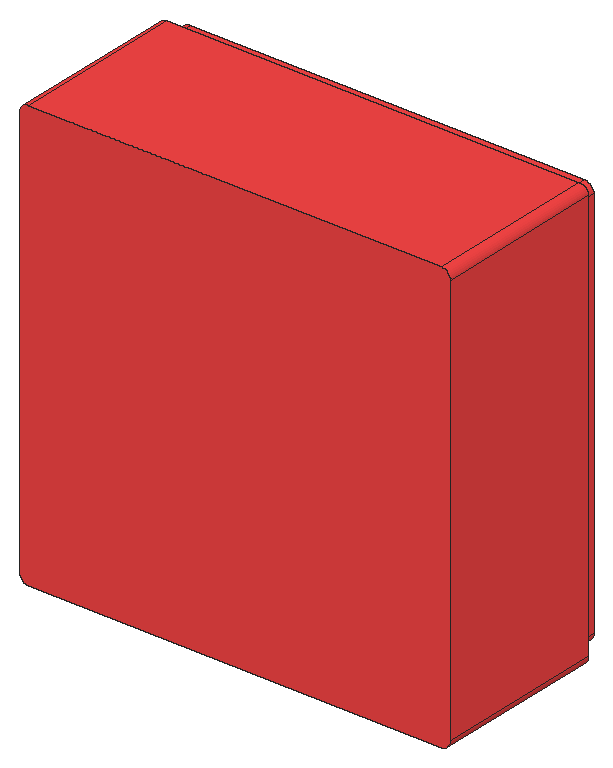
Revit family "Acionador Manual do Sistema de Detecção e Alarme", category Equipamento elétrico, Revit 2026
Family settings
  Cota do conector redondo = Utilizar diâmetro
  Tipo de parte = Outros painéis
  Com base no plano de trabalho = Não
  Sempre na vertical = Sim
  Corte com vazios quando carregada = Não
  Manter orientação da anotação = Não
  Compartilhado = Sim
  Ponto de cálculo do ambiente = Não
Parameters
  Tipo de imagem = Acionador manual alarme e detecção.png
  SÍMBOLO = yes
  Rede Social: = "@galvesbim"
  built-in parameter 1155152 [instance] = 16
  Mato Grosso = no
  IMAGEM SIMBOLO PERNAMBUCO = 0
  IMAGEM SIMBOLO MATO GROSSO = 0
  IMAGEM SIMBOLO DISTRITO FEDERAL = 0
  IMAGEM SIMBOLO DEMAIS ESTADOS = 0
  Descrição = "Acionador manual alarme e detecção"
  Demais estados = yes
  Pernambuco = no
  Largura = 42.00 mm
  Família Criada por: = "Geraldo G Alves"
  Email p/ contato: = "galves@alvesg.com"
  Desloc. Frente [instance] = 0.00 mm
  Desloc. Esquerda [instance] = 0.00 mm
  Elevação padrão = 1350.00 mm
  DESCRIÇÃO DO MATERIAL = "Acionador manual alarme e detecção"  # constant formula
  Comprimento = 95.00 mm
  Distrito Federal = no
  Altura = 95.00 mm
Reference planes
  plane 1 "Centro (Frente/Trás)": y = 0
  plane 2: z = 0
  plane 3 "Centro (Esquerda/Direita)": x = 0
  plane 4: y = -42
  plane 5: x = -47.5
  plane 6: x = 47.5
  plane 7: z = 95
  plane 8: y = -38
  plane 9: y = -40
  plane 10: y = -4
  plane 11: y = -2
  plane 12: z = 47.5
  plane 13: x = 0
  plane 14: y = -42
Forms (mm)
  Extrusion 1, solid, material "Vermelho", detail levels fine
    sketch origin (0, 0, 0) x (1, 0, 0) y (0, 0, 1)
      loop
        arc (-45.5, 95) -> (-46.914, 94.414) -> (-47.5, 93) r 2
        line (-47.5, 93) -> (-47.5, 2)
        arc (-47.5, 2) -> (-46.914, 0.586) -> (-45.5, 0) r 2
        line (-45.5, 0) -> (45.5, 0)
        arc (45.5, 0) -> (46.914, 0.586) -> (47.5, 2) r 2
        line (47.5, 2) -> (47.5, 93)
        arc (47.5, 93) -> (46.914, 94.414) -> (45.5, 95) r 2
        line (45.5, 95) -> (-45.5, 95)
    from 4 to 42
  Extrusion 2, solid, material "Vermelho", detail levels fine
    sketch origin (0, 0, 0) x (1, 0, 0) y (0, 0, 1)
      loop
        line (43.5, 93) -> (-43.5, 93)
        arc (-43.5, 93) -> (-44.914, 92.414) -> (-45.5, 91) r 2
        line (-45.5, 91) -> (-45.5, 4)
        arc (-45.5, 4) -> (-44.914, 2.586) -> (-43.5, 2) r 2
        line (-43.5, 2) -> (43.5, 2)
        arc (43.5, 2) -> (44.914, 2.586) -> (45.5, 4) r 2
        line (45.5, 4) -> (45.5, 91)
        arc (45.5, 91) -> (44.914, 92.414) -> (43.5, 93) r 2
      loop
        arc (-40.5, 89) -> (-41.207, 88.707) -> (-41.5, 88) r 1
        line (-41.5, 88) -> (-41.5, 7)
        arc (-41.5, 7) -> (-41.207, 6.293) -> (-40.5, 6) r 1
        line (-40.5, 6) -> (-25.9, 6) -> (-25.9, 18) -> (-4.977, 18) -> (-4.977, 16.5) -> (4.977, 16.5) -> (4.977, 18) -> (25.9, 18) -> (25.9, 6) -> (40.5, 6)
        arc (40.5, 6) -> (41.207, 6.293) -> (41.5, 7) r 1
        line (41.5, 7) -> (41.5, 88)
        arc (41.5, 88) -> (41.207, 88.707) -> (40.5, 89) r 1
        line (40.5, 89) -> (-40.5, 89)
      loop
        arc (-40.7, 88.7) -> (-41.054, 88.554) -> (-41.2, 88.2) r 0.5
        line (-41.2, 88.2) -> (-41.2, 6.8)
        arc (-41.2, 6.8) -> (-41.054, 6.446) -> (-40.7, 6.3) r 0.5
        line (-40.7, 6.3) -> (-26.2, 6.3) -> (-26.2, 18.3) -> (26.2, 18.3) -> (26.2, 6.3) -> (40.7, 6.3)
        arc (40.7, 6.3) -> (41.054, 6.446) -> (41.2, 6.8) r 0.5
        line (41.2, 6.8) -> (41.2, 88.2)
        arc (41.2, 88.2) -> (41.054, 88.554) -> (40.7, 88.7) r 0.5
        line (40.7, 88.7) -> (-40.7, 88.7)
      loop
        line (-35.2, 73.7) -> (-35.2, 33.7) -> (35.2, 33.7) -> (35.2, 73.7) -> (-35.2, 73.7)
    from 4 to 0
  Extrusion 3, solid, material "Vidro", detail levels fine
    sketch origin (0, 0, 0) x (1, 0, 0) y (0, 0, 1)
      loop
        line (-35.2, 73.7) -> (-35.2, 33.7) -> (35.2, 33.7) -> (35.2, 73.7) -> (-35.2, 73.7)
    from 2 to 0
  Extrusion 4, solid, material "Branco", detail levels fine
    sketch origin (0, 0, -6.25) x (1, 0, 0) y (0, 0, 1)
      loop
        circle (0, 54.522) r 5
      loop
        line (-12.5, 54.522) -> (-18.711, 58.108) -> (-18.711, 55.457) -> (-25.209, 55.457) -> (-25.209, 53.587) -> (-18.711, 53.587) -> (-18.711, 50.936) -> (-12.5, 54.522)
      loop
        line (12.5, 54.522) -> (18.711, 50.936) -> (18.711, 53.587) -> (25.209, 53.587) -> (25.209, 55.457) -> (18.711, 55.457) -> (18.711, 58.108) -> (12.5, 54.522)
    from 0 to 0.8
Cuts and joins
  joined: Extrusion 1, Extrusion 2
Dimensions and locks
  "Largura": plane 4 to plane 1 "Centro (Frente/Trás)"
  equal spacing: plane 5, plane 3 "Centro (Esquerda/Direita)", plane 6
  "Comprimento": plane 5 to plane 6
  Extrusion 1 sketch curve to Extrusion 1 sketch curve = 95.00 mm
  locked: plane 8 to plane 4 at 4
  locked: plane 9 to plane 4 at 2
  "Altura": plane 7 to level
  plane 10 to plane 1 "Centro (Frente/Trás)" = 4.00 mm
  plane 11 to plane 1 "Centro (Frente/Trás)" = 2.00 mm
  "Desloc. Frente": plane 14 to plane 4
  "Desloc. Esquerda": plane 13 to plane 3 "Centro (Esquerda/Direita)"
  "Desloc. Esquerda": nested 4 to plane 3 "Centro (Esquerda/Direita)"
  "Desloc. Frente": nested 4 to plane 4
  aligned and locked: level to plane 2
  aligned and locked: plane 5 to Extrusion 1 sketch curve
  aligned and locked: plane 2 to Extrusion 1 sketch curve
  aligned and locked: Extrusion 1 sketch curve to plane 6
  aligned and locked: Extrusion 3 sketch curve to cut or joined group of Extrusion 1, Extrusion 2  (x4)
  aligned and locked: Extrusion 2 to plane 1 "Centro (Frente/Trás)"
  aligned and locked: Extrusion 2 to plane 10
  aligned and locked: plane 11 to Extrusion 3
  aligned and locked: Extrusion 3 to plane 1 "Centro (Frente/Trás)"
  aligned and locked: Extrusion 1 to plane 4
  aligned and locked: Extrusion 1 to Extrusion 2
  aligned and locked: nested 1 to plane 13
  aligned and locked: plane 14 to nested 1
  aligned and locked: plane 14 to nested 3
  aligned and locked: nested 3 to plane 13
  aligned and locked: plane 14 to nested 2
  aligned and locked: nested 2 to plane 13
Automatic sketch dimensions
  plane 5 to Extrusion 1 sketch curve = 2.00 mm  (x2)
  Extrusion 1 sketch curve to Extrusion 1 sketch curve = 2.00 mm
  Extrusion 1 sketch curve to plane 6 = 2.00 mm
  plane 5 to Extrusion 2 sketch curve = 2.00 mm
  level to Extrusion 2 sketch curve = 2.00 mm
  Extrusion 2 sketch curve to Extrusion 2 sketch curve = 2.00 mm  (x4)
  Extrusion 2 sketch curve to plane 7 = 2.00 mm
  Extrusion 2 sketch curve to Extrusion 2 sketch curve = 0.30 mm  (x7)
  Extrusion 2 sketch curve to Extrusion 2 sketch curve = 0.50 mm  (x3)
  Extrusion 2 sketch curve to Extrusion 2 sketch curve = 0.20 mm  (x5)
  plane 5 to Extrusion 2 sketch curve = 12.30 mm
  level to Extrusion 2 sketch curve = 6.30 mm
  Extrusion 2 sketch curve to Extrusion 2 sketch curve = 14.30 mm
  Extrusion 2 sketch curve to plane 3 "Centro (Esquerda/Direita)" = 4.977 mm
  plane 3 "Centro (Esquerda/Direita)" to Extrusion 2 sketch curve = 4.977 mm
  level to Extrusion 2 sketch curve = 6.00 mm
  Extrusion 2 sketch curve to plane 6 = 21.60 mm
  Extrusion 2 sketch curve to plane 6 = 12.30 mm
  Extrusion 2 sketch curve to plane 6 = 7.00 mm  (x2)
  Extrusion 2 sketch curve to plane 6 = 4.00 mm
  Extrusion 2 sketch curve to plane 6 = 2.00 mm
  level to Extrusion 2 sketch curve = 16.50 mm
  Extrusion 2 sketch curve to Extrusion 2 sketch curve = 11.70 mm
  Extrusion 2 sketch curve to Extrusion 2 sketch curve = 1.50 mm
  Extrusion 2 sketch curve to Extrusion 2 sketch curve = 15.40 mm
  Extrusion 2 sketch curve to Extrusion 2 sketch curve = 17.30 mm
  Extrusion 2 sketch curve to Extrusion 2 sketch curve = 3.00 mm
  Extrusion 4 sketch curve to Extrusion 2 = 0.691 mm  (x2)
  Extrusion 4 sketch curve to Extrusion 4 sketch curve = 6.498 mm
  Extrusion 4 sketch curve to Extrusion 4 sketch curve = 0.00 mm  (x3)
  Extrusion 4 sketch curve to Extrusion 4 sketch curve = 6.211 mm  (x2)
  Extrusion 2 to Extrusion 4 sketch curve = 4.977 mm
  Extrusion 4 sketch curve to Extrusion 2 = 7.523 mm
  Extrusion 2 to Extrusion 4 sketch curve = 10.986 mm  (x2)
  Extrusion 4 sketch curve to Extrusion 4 sketch curve = 2.651 mm  (x4)
  Extrusion 4 sketch curve to Extrusion 4 sketch curve = 0.935 mm  (x2)
  Extrusion 4 sketch curve to Extrusion 4 sketch curve = 1.87 mm  (x2)
  radius of Extrusion 4 sketch curve = 5.00 mm
Nested families
  nested 1: "Acionador manual do sistema de detecção e alarme - Restante" at (0, -42, 0), visible <- "Demais estados", type "Acionador manual do sistema de detecção e alarme 1-100", detail levels coarse+medium
    with Esc. Símbolo - 1/100~200 yes, Desloc. Frente 0.00 mm, Desloc. Esquerda 0.00 mm
  nested 2: "Acionador manual do sistema de detecção e alarme - DF" at (0, -42, 0), visible <- "Distrito Federal", type "Acionador manual do sistema de detecção e alarme - DF", detail levels coarse+medium
    with Esc. Símbolo - 1/100~200 yes, Desloc. Frente 0.00 mm, Desloc. Esquerda 0.00 mm
  nested 3: "Acionador manual do sistema de detecção e alarme 1-100 - PE" at (0, -42, 0), visible <- "Pernambuco", type "Acionador manual do sistema de detecção e alarme 1-100 - PE", detail levels coarse+medium
    with Esc. Símbolo - 1/100~200 yes, Desloc. Frente 0.00 mm, Desloc. Esquerda 0.00 mm
  nested 4: "Acionador manual do sistema de detecção e alarme - Restante" at (0, -42, 0), visible <- "Mato Grosso", type "Acionador manual do sistema de detecção e alarme 1-100", detail levels coarse+medium
    with Esc. Símbolo - 1/100~200 yes, Desloc. Frente 0.00 mm, Desloc. Esquerda 0.00 mm
Connectors
  cabletrayconduit at (0, -23, 95), diameter 20
    settings: on cut or joined group of Extrusion 1, Extrusion 2, index 1, connector width 300.00 mm, connector height 300.00 mm, connector angle 0.00°, system type 32, placement type 0, profile type 0, connector reference index -1, is primary connector yes, connector utility param no, connector description ""
  cabletrayconduit at (0, -23, 0), diameter 20
    settings: on cut or joined group of Extrusion 1, Extrusion 2, index 2, connector width 300.00 mm, connector height 300.00 mm, connector angle 0.00°, system type 32, placement type 0, profile type 0, connector reference index -1, is primary connector no, connector utility param no, connector description ""
Definition of nested family "Acionador manual do sistema de detecção e alarme - Restante"
  Parameters (values of type "Acionador manual do sistema de detecção e alarme 1-100")
    Esc. Símbolo - 1/100~200 [instance] = yes
    Desloc. Frente [instance] = 0.00 mm
    Desloc. Esquerda [instance] = 0.00 mm
  Reference planes
    plane 1: y = 0
    plane 2: x = 0
  Lines and regions (mm)
    Masking region 1
      outline origin (0, 0, 0) x (1, 0, 0) y (0, 1, 0)
        loop
          line (-1.75, 3.5) -> (-1.75, 0) -> (1.75, 0) -> (1.75, 3.5) -> (-1.75, 3.5)
    Masking region 2, not visible
      outline origin (0, 0, 0) x (1, 0, 0) y (0, 1, 0)
        loop
          line (-1.75, 3.5) -> (-1.75, 0) -> (1.75, 0) -> (1.75, 3.5) -> (-1.75, 3.5)
    detail lines
      curve 1: line (-1.75, 0, 0) -> (1.75, 0, 0)
      curve 2: line (-1.75, 3.5, 0) -> (-1.75, 0, 0)
      curve 3: line (1.75, 3.5, 0) -> (-1.75, 3.5, 0)
      curve 4: line (1.75, 0, 0) -> (1.75, 3.5, 0)
      curve 5: arc (-0.965, 2.767, 0) -> (0, 1.802, 0) -> (0.965, 2.767, 0) r 0.965
      curve 16: line (0, 1.802, 0) -> (0, 0.802, 0)
    detail lines, not visible
      curve 6: line (-1.75, 5, 0) -> (1.75, 5, 0)
      curve 7: line (-1.75, 8.5, 0) -> (-1.75, 5, 0)
      curve 8: line (1.75, 8.5, 0) -> (-1.75, 8.5, 0)
      curve 9: line (1.75, 5, 0) -> (1.75, 8.5, 0)
      curve 10: arc (-0.965, 7.767, 0) -> (0, 6.802, 0) -> (0.965, 7.767, 0) r 0.965
      curve 11: line (-1.75, 0, 0) -> (1.75, 0, 0)
      curve 12: line (-1.75, 3.5, 0) -> (-1.75, 0, 0)
      curve 13: line (1.75, 3.5, 0) -> (-1.75, 3.5, 0)
      curve 14: line (1.75, 0, 0) -> (1.75, 3.5, 0)
      curve 15: arc (-0.965, 2.767, 0) -> (0, 1.802, 0) -> (0.965, 2.767, 0) r 0.965
      curve 17: line (0, 6.802, 0) -> (0, 5.802, 0)
      curve 18: line (0, 1.802, 0) -> (0, 0.802, 0)
  Dimensions and locks
    "Desloc. Frente": plane 1 to curve 1
    "Desloc. Esquerda": curve 16 to plane 2
  Automatic sketch dimensions
    curve 2 to curve 5 = 1.75 mm
    curve 5 to curve 3 = 1.75 mm
    curve 1 to curve 5 = 2.767 mm
    curve 5 to curve 3 = 0.733 mm
    curve 5 to curve 5 = 0.965 mm
    curve 16 to curve 5 = 0.00 mm
    curve 16 to curve 16 = 1.00 mm
    curve 7 to curve 10 = 1.75 mm
    curve 10 to curve 8 = 1.75 mm
    curve 6 to curve 10 = 2.767 mm
    curve 10 to curve 8 = 0.733 mm
    curve 10 to curve 10 = 0.965 mm
    curve 17 to curve 10 = 0.00 mm
    curve 17 to curve 17 = 1.00 mm
    curve 12 to curve 15 = 1.75 mm
    curve 15 to curve 13 = 1.75 mm
    curve 11 to curve 15 = 2.767 mm
    curve 15 to curve 13 = 0.733 mm
    curve 15 to curve 15 = 0.965 mm
    curve 18 to curve 15 = 0.00 mm
    curve 18 to curve 18 = 1.00 mm
Definition of nested family "Acionador manual do sistema de detecção e alarme - DF"
  Parameters (values of type "Acionador manual do sistema de detecção e alarme 1-100 - DF")
    Esc. Símbolo - 1/100~200 [instance] = yes
    Desloc. Frente [instance] = 0.00 mm
    Desloc. Esquerda [instance] = 0.00 mm
  Reference planes
    plane 1: y = 0
    plane 2: x = 0
  Lines and regions (mm)
    Filled region 1, type "Extintores de incêndio"
      outline origin (0, 0, 0) x (1, 0, 0) y (0, 1, 0)
        loop
          line (-0.75, 1.837) -> (-0.75, 0.637) -> (0.75, 0.637) -> (0.75, 1.837) -> (-0.75, 1.837)
    Filled region 2, type "Extintores de incêndio", not visible
      outline origin (0, 0, 0) x (1, 0, 0) y (0, 1, 0)
        loop
          line (-0.75, 1.837) -> (-0.75, 0.637) -> (0.75, 0.637) -> (0.75, 1.837) -> (-0.75, 1.837)
    detail lines, not visible
      curve 1: line (-1.75, 5, 0) -> (1.75, 5, 0)
      curve 2: line (-1.75, 8.5, 0) -> (-1.75, 5, 0)
      curve 3: line (1.75, 8.5, 0) -> (-1.75, 8.5, 0)
      curve 4: line (1.75, 5, 0) -> (1.75, 8.5, 0)
      curve 5: arc (-0.965, 7.767, 0) -> (0, 6.802, 0) -> (0.965, 7.767, 0) r 0.965
      curve 6: line (0, 6.802, 0) -> (0, 5.802, 0)
      curve 17: line (1.5, 0, 0) -> (-1.5, 0, 0)
      curve 18: line (1.5, 2.474, 0) -> (1.5, 0, 0)
      curve 19: line (-1.5, 2.474, 0) -> (1.5, 2.474, 0)
      curve 20: line (-1.5, 0, 0) -> (-1.5, 2.474, 0)
      curve 21: line (0, 2.474, 0) -> (0, 3.274, 0)
      curve 22: line (0, 3.274, 0) -> (1.015, 3.274, 0)
      curve 23: line (1.015, 3.274, 0) -> (1.015, 4.074, 0)
      curve 24: line (1.015, 4.074, 0) -> (-0.99, 4.074, 0)
      curve 25: line (-0.99, 4.074, 0) -> (-0.99, 3.274, 0)
      curve 26: line (-0.99, 3.274, 0) -> (0, 3.274, 0)
    detail lines
      curve 7: line (1.5, 0, 0) -> (-1.5, 0, 0)
      curve 8: line (1.5, 2.474, 0) -> (1.5, 0, 0)
      curve 9: line (-1.5, 2.474, 0) -> (1.5, 2.474, 0)
      curve 10: line (-1.5, 0, 0) -> (-1.5, 2.474, 0)
      curve 11: line (0, 2.474, 0) -> (0, 3.274, 0)
      curve 12: line (0, 3.274, 0) -> (1.015, 3.274, 0)
      curve 13: line (1.015, 3.274, 0) -> (1.015, 4.074, 0)
      curve 14: line (1.015, 4.074, 0) -> (-0.99, 4.074, 0)
      curve 15: line (-0.99, 4.074, 0) -> (-0.99, 3.274, 0)
      curve 16: line (-0.99, 3.274, 0) -> (0, 3.274, 0)
Definition of nested family "Acionador manual do sistema de detecção e alarme 1-100 - PE"
  Parameters (values of type "Acionador manual do sistema de detecção e alarme 1-100 - PE")
    Esc. Símbolo - 1/100~200 [instance] = yes
    Desloc. Frente [instance] = 0.00 mm
    Desloc. Esquerda [instance] = 0.00 mm
  Reference planes
    plane 1: y = 0
    plane 2: x = 0
  Lines and regions (mm)
    Masking region 1, not visible
      outline origin (0, 0, 0) x (1, 0, 0) y (0, 1, 0)
        loop
          line (-1.75, 3.5) -> (-1.75, 0) -> (1.75, 0) -> (1.75, 3.5) -> (-1.75, 3.5)
    Filled region 1, type "Azul"
      outline origin (0, -4.553, 0) x (1, 0, 0) y (0, 1, 0)
        loop
          circle (0, 10.257) r 0.4
    detail lines, not visible
      curve 1: line (-1.75, 5, 0) -> (1.75, 5, 0)
      curve 2: line (-1.75, 8.5, 0) -> (-1.75, 5, 0)
      curve 3: line (1.75, 8.5, 0) -> (-1.75, 8.5, 0)
      curve 4: line (1.75, 5, 0) -> (1.75, 8.5, 0)
      curve 5: arc (-0.965, 7.767, 0) -> (0, 6.802, 0) -> (0.965, 7.767, 0) r 0.965
      curve 6: line (-1.75, 0, 0) -> (1.75, 0, 0)
      curve 7: line (-1.75, 3.5, 0) -> (-1.75, 0, 0)
      curve 8: line (1.75, 3.5, 0) -> (-1.75, 3.5, 0)
      curve 9: line (1.75, 0, 0) -> (1.75, 3.5, 0)
      curve 10: arc (-0.965, 2.767, 0) -> (0, 1.802, 0) -> (0.965, 2.767, 0) r 0.965
      curve 11: line (0, 6.802, 0) -> (0, 5.802, 0)
      curve 12: line (0, 1.802, 0) -> (0, 0.802, 0)
    detail lines
      curve 13: circle (0, 1.667, 0) r 1.667 normal (0, 0, 1)
      curve 14: circle (0, 1.667, 0) r 0.444 normal (0, 0, 1)
      curve 15: line (1.667, 3.333, 0) -> (-1.667, 3.333, 0)
      curve 16: arc (-1.667, 3.333, 0) -> (0, 5, 0) -> (1.667, 3.333, 0) r 1.667
      curve 17: arc (-1.667, 3.333, 0) -> (-1.209, 4.786, 0) -> (0, 5.714, 0) r 2.533
